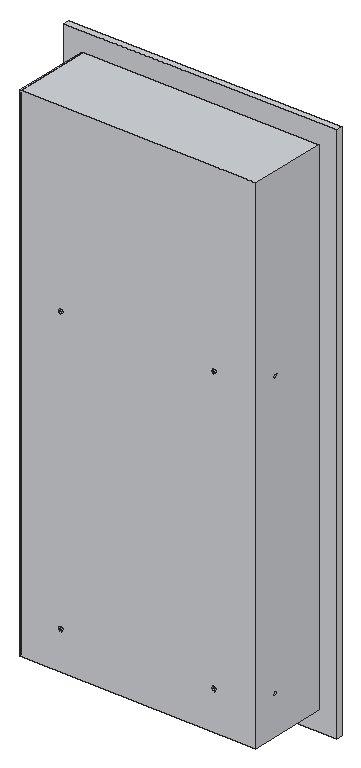
Revit family "AX8951E+0_0009", category Appareils sanitaires, Revit 2016
Family settings
  Hôte = Mur
  Type d'élément = Normal
  Cote de connecteur circulaire = Utiliser le diamètre
  Numéro OmniClass = 23.75.00.00
  Titre OmniClass = Climate Control (HVAC)
  Toujours verticalement = Oui
  Couper avec des vides une fois chargée = Non
  Partagée = Non
  Point de calcul de pièce = Non
Parameters (values of type "Type 1")
  URL = "https://www.axeuro.com/fr/poubelles/25344-poubelle-murale-ax8951e0.html?search_query=ax8951e+0&results=4"
  Modèle = "AX8951E+0"  # constant formula
  Matériaux = "En inox 304 (18/10)"  # constant formula
  Finition = "Brossé Poli Satiné HyperPolish"  # constant formula
  Fabricant = "Axeuro"  # constant formula
  Description = "Poubelle murale"  # constant formula
Reference planes
  plane 1 "Mur": y = 0
  plane 2 "Centre (gauche/droite)": x = 0
  plane 3 "Arrière": y = 75
Forms (mm)
  Sweep 1, solid
    path origin (0, -101.429, 1159.918) x (1, 0, 0) y (0, 0, 1)
      loop
        circle (0, 292.183) r 7.9
    profile origin (0, -101.429, 1444.201) x (0, 0, 1) y (0, -1, 0)
      loop
        line (0.02, -110.08) -> (-3.566, -110.08)
        arc (-3.566, -110.08) -> (-2.623, -113.276) -> (0.02, -115.306) r 5.389
        line (0.02, -115.306) -> (0.02, -110.08)
  Extrusion 2, solid
    sketch origin (7.88, -101.348, 1171.404) x (1, 0, 0) y (0, 0, 1)
      loop
        circle (-7.88, 280.697) r 7.9
    from -115.226 to -110
  Extrusion 3, void
    sketch origin (0, -101.348, 1171.404) x (1, 0, 0) y (0, 0, 1)
      loop
        line (1.292, 286.514) -> (-1.316, 286.514) -> (-1.316, 274.878) -> (1.292, 274.878) -> (1.292, 286.514)
    from -115.226 to -113.463
  Extrusion 4, solid
    sketch origin (-303.127, -110, -137.076) x (1, 0, 0) y (0, 0, 1)
      loop
        line (481.127, 1766.682) -> (125.127, 1766.682) -> (125.127, 1055.682) -> (481.127, 1055.682) -> (481.127, 1766.682)
      loop
        line (456.227, 1740.782) -> (150.027, 1740.782) -> (150.027, 1081.582) -> (456.227, 1081.582) -> (456.227, 1740.782)
    from -193 to -185
  Extrusion 5, solid
    sketch origin (0, -110, -137.076) x (1, 0, 0) y (0, 0, 1)
      loop
        line (153.1, 1740.782) -> (-153.1, 1740.782) -> (-153.1, 1081.582) -> (153.1, 1081.582) -> (153.1, 1740.782)
      loop
        line (154.1, 1741.782) -> (-154.1, 1741.782) -> (-154.1, 1080.582) -> (154.1, 1080.582) -> (154.1, 1741.782)
    from -185 to -84
  Extrusion 6, solid
    sketch origin (0, -186, -137.076) x (1, 0, 0) y (0, 1, 0)
      loop
        line (-154.1, 159) -> (154.1, 159) -> (154.1, 160) -> (-154.1, 160) -> (-154.1, 159)
    from 1080.582 to 1741.782
  Extrusion 7, void
    sketch origin (25.964, -186, -149.548) x (1, 0, 0) y (0, 0, 1)
      loop
        circle (74.036, 1514.654) r 3
    from -160 to -159
  Extrusion 8, void
    sketch origin (-174.036, -186, -149.548) x (1, 0, 0) y (0, 0, 1)
      loop
        circle (74.036, 1514.654) r 3
    from -160 to -159
  Extrusion 9, void
    sketch origin (25.964, -186, -520.548) x (1, 0, 0) y (0, 0, 1)
      loop
        circle (74.036, 1514.654) r 3
    from -160 to -159
  Extrusion 10, void
    sketch origin (-174.036, -186, -520.548) x (1, 0, 0) y (0, 0, 1)
      loop
        circle (74.036, 1514.654) r 3
    from -160 to -159
  Extrusion 11, solid
    sketch origin (0, -185, -137.076) x (1, 0, 0) y (0, 1, 0)
      loop
        line (-153.1, 268) -> (-153.1, 160) -> (153.1, 160) -> (153.1, 268) -> (-153.1, 268)
      loop
        line (-151.6, 266.5) -> (-151.6, 161.5) -> (151.6, 161.5) -> (151.6, 266.5) -> (-151.6, 266.5)
    from 1081.582 to 1565.777
  Extrusion 12, solid
    sketch origin (0, -110, -86.324) x (1, 0, 0) y (0, 0, 1)
      loop
        line (151.6, 1555.426) -> (-151.6, 1555.426) -> (-151.6, 1521.426) -> (151.6, 1521.426) -> (151.6, 1555.426)
    from -118.652 to -86.5
  Extrusion 13, void
    sketch origin (0, 75, 0) x (1, 0, 0) y (0, 0, 1)
      loop
        line (151.6, 1603.106) -> (-151.6, 1603.106) -> (-151.6, 944.506) -> (151.6, 944.506) -> (151.6, 1603.106)
    from -8 to 101
  Extrusion 14, void
    sketch origin (0, 0, 6) x (0, 1, 0) y (0, 0, 1)
      loop
        circle (4.019, 1359.106) r 3
    from 153.1 to 154.1
  Extrusion 15, void
    sketch origin (0, 0, -365) x (0, 1, 0) y (0, 0, 1)
      loop
        circle (4.019, 1359.106) r 3
    from 153.1 to 154.1
  Extrusion 16, void
    sketch origin (0, 0, 6) x (0, 1, 0) y (0, 0, -1)
      loop
        circle (4.019, -1359.106) r 3
    from 153.1 to 154.1
  Extrusion 17, void
    sketch origin (0, 0, -365) x (0, 1, 0) y (0, 0, -1)
      loop
        circle (4.019, -1359.106) r 3
    from 153.1 to 154.1
Cuts and joins
  Extrusion 8, Extrusion 9, Extrusion 10, Extrusion 13, Extrusion 14, Extrusion 15, Extrusion 16, Extrusion 17 cuts Extrusion 5
  Extrusion 7, Extrusion 8, Extrusion 9, Extrusion 10, Extrusion 13, Extrusion 14, Extrusion 15, Extrusion 16, Extrusion 17 cuts Extrusion 6
  joined: Extrusion 5, Extrusion 6
  Extrusion 3 cuts Extrusion 2
  Extrusion 14, Extrusion 15, Extrusion 16, Extrusion 17 cuts Extrusion 11
Lines and regions (mm)
  reference lines
    curve 1: line (143.589, 75, 0) -> (143.589, 75.981, 0)
Text (mm)
  text "Côté de la mise en place" at (-1820.995, 1116.779, 0), in view "Niveau de réf."
  text "Côté de la mise en place" at (0, 1334.055, 2976.191), in view "Gauche"
  text "Côté de la mise en place" at (0, 439.194, 2944.362), in view "Droite"
Dimensions and locks
  locked: plane 3 "Arrière" to host wall
  aligned and locked: plane 1 "Mur" to host wall
